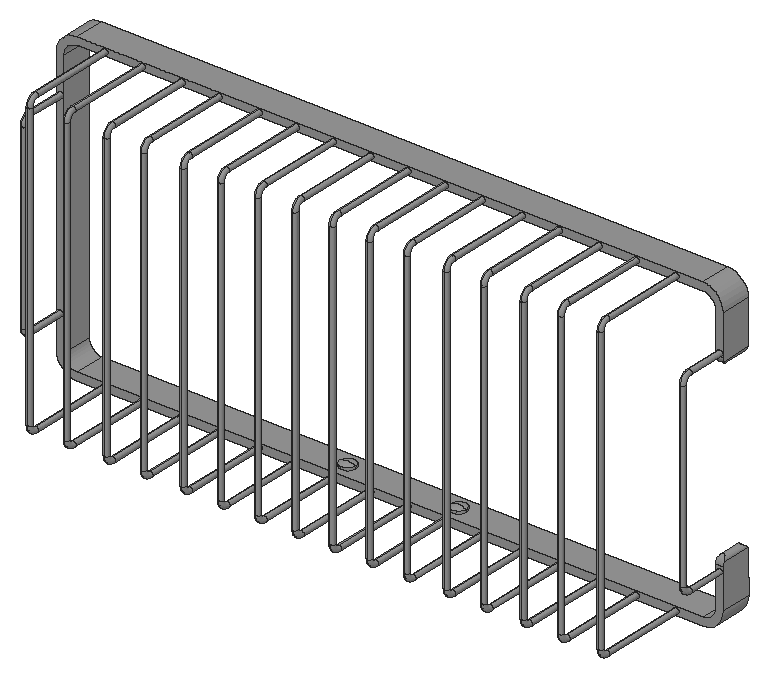
Revit family "RECK Jabonera 26x12cm BC2612600", category Generic Models, host Face, Revit 2014
Parameters
  MODELO = "RECK"
  MARCA = "WASSER"
  EMPRESA = "CHC COMERCIAL HISPANO CHILENA"
  Default Elevation = 1219.2 mm
  DIMENSIONES = "26X12CM"
  CÓDIGO = "BC2612600"
  ACCESORIO = "JABONERA"
Reference planes
  plane 1 "Center (Front/Back)": y = 0
  plane 2: z = 0
  plane 3 "Center (Left/Right)": x = 0
  plane 4: z = 120
  plane 5: x = 125
  plane 6: x = -125
  plane 7: y = -50
  plane 8: x = -75
  plane 9: x = 75
  plane 10: x = 102.253
  plane 11: x = 115
  plane 12: x = 121.257
  plane 13: x = 45
  plane 14: x = -45
  plane 15: x = 122.69
  plane 16: x = -7.492
  plane 17: x = 7.008
  plane 18: x = 21.508
  plane 19: x = 36.008
  plane 20: x = -21.992
  plane 21: x = -36.492
  plane 22: x = -50.992
  plane 23: x = 51.508
  plane 24: x = 66.008
  plane 25: x = 111.508
  plane 26: x = -66.492
  plane 27: x = -80.992
  plane 28: x = -96.492
  plane 29: x = -110.992
  plane 30: x = 130
  plane 31: x = -130
  plane 32: y = -30
  plane 33: y = -48.887
Forms (mm)
  Extrusion 1, solid, material "Steel, Chrome Plated"
    sketch origin (0, 0, 0) x (1, 0, 0) y (0, 0, 1)
      loop
        arc (122, 0) -> (127.657, 2.343) -> (130, 8) r 8
        line (130, 8) -> (130, 25)
        arc (130, 25) -> (128.5, 26.5) -> (127, 25) r 1.5
        line (127, 25) -> (127, 8)
        arc (127, 8) -> (125.536, 4.464) -> (122, 3) r 5
        line (122, 3) -> (-122, 3)
        arc (-122, 3) -> (-125.536, 4.464) -> (-127, 8) r 5
        line (-127, 8) -> (-127, 112)
        arc (-127, 112) -> (-125.536, 115.536) -> (-122, 117) r 5
        line (-122, 117) -> (122, 117)
        arc (122, 117) -> (125.536, 115.536) -> (127, 112) r 5
        line (127, 112) -> (127, 95)
        arc (127, 95) -> (128.5, 93.5) -> (130, 95) r 1.5
        line (130, 95) -> (130, 112)
        arc (130, 112) -> (127.657, 117.657) -> (122, 120) r 8
        line (122, 120) -> (-122, 120)
        arc (-122, 120) -> (-127.657, 117.657) -> (-130, 112) r 8
        line (-130, 112) -> (-130, 8)
        arc (-130, 8) -> (-127.657, 2.343) -> (-122, 0) r 8
        line (-122, 0) -> (122, 0)
    from 0 to 12
  Revolve 2, solid, material "Steel, Chrome Plated"
    sketch origin (5.631, -5.965, 0) x (1, 0, 0) y (0, 0, 1)
      loop
        arc (19.269, 3.812) -> (17.821, 4.357) -> (16.286, 4.542) r 6.456
        line (16.286, 4.542) -> (16.286, 3) -> (19.269, 3) -> (19.269, 3.812)
      axis (16.286, 4.542) -> (16.286, 3)
    angle from 0 to 360
  Revolve 3, solid, material "Steel, Chrome Plated"
    sketch origin (-5, -5.965, 0) x (-1, 0, 0) y (0, 0, 1)
      loop
        arc (19.269, 3.812) -> (17.821, 4.357) -> (16.286, 4.542) r 6.456
        line (16.286, 4.542) -> (16.286, 3) -> (19.269, 3) -> (19.269, 3.812)
      axis (16.286, 4.542) -> (16.286, 3)
    angle from 0 to 360
  Extrusion 4, void
    sketch origin (-116.896, 0, 55.588) x (0.002115, 0, 0.999998) y (0, -1, 0)
      loop
        line (-33.818, 0) -> (-30.222, -2.612) -> (-26.755, 0.296) -> (-27.237, 14.082) -> (-33.818, 12) -> (-31.5, 12)
        arc (-31.5, 12) -> (-29.379, 11.121) -> (-28.5, 9) r 3
        line (-28.5, 9) -> (-28.5, 3)
        arc (-28.5, 3) -> (-29.379, 0.879) -> (-31.5, 0) r 3
        line (-31.5, 0) -> (-33.818, 0)
    from 228.786 to 272.928
  Extrusion 5, void
    sketch origin (-116.896, 0, 64.338) x (0.002115, 0, -0.999998) y (0, 1, 0)
      loop
        line (-33.818, 0) -> (-31.5, 0)
        arc (-31.5, 0) -> (-29.379, -0.879) -> (-28.5, -3) r 3
        line (-28.5, -3) -> (-28.5, -9)
        arc (-28.5, -9) -> (-29.379, -11.121) -> (-31.5, -12) r 3
        line (-31.5, -12) -> (-33.818, -12) -> (-27.237, -14.082) -> (-26.755, -0.296) -> (-30.222, 2.612) -> (-33.818, 0)
    from 228.786 to 272.928
  Sweep 6, solid, material "Steel, Chrome Plated"
    path origin (128.524, 0, -26.133) x (0, 0, -1) y (0, 1, 0)
      loop
        line (-123.635, -12) -> (-123.635, -27.045)
        arc (-123.635, -27.045) -> (-122.769, -29.134) -> (-120.68, -30) r 2.955
        line (-120.68, -30) -> (-50.398, -30)
        arc (-50.398, -30) -> (-48.277, -29.121) -> (-47.398, -27) r 3
        line (-47.398, -27) -> (-47.398, -12)
    profile origin (128.524, -19.522, 97.502) x (0, 0, -1) y (1, 0, 0)
      loop
        circle (0, 0) r 1
  Sweep 7, solid, material "Steel, Chrome Plated"
    path origin (-128.406, 0, -26.133) x (0, 0, -1) y (0, 1, 0)
      loop
        line (-123.635, -12) -> (-123.635, -27.045)
        arc (-123.635, -27.045) -> (-122.769, -29.134) -> (-120.68, -30) r 2.955
        line (-120.68, -30) -> (-50.398, -30)
        arc (-50.398, -30) -> (-48.277, -29.121) -> (-47.398, -27) r 3
        line (-47.398, -27) -> (-47.398, -12)
    profile origin (-128.406, -19.522, 97.502) x (0, 0, -1) y (1, 0, 0)
      loop
        circle (0, 0) r 1
  Sweep 8, solid, material "Steel, Chrome Plated"
    path origin (-7.492, 0, 50.916) x (0, 0, -1) y (0, 1, 0)
      loop
        line (49.308, -12) -> (49.308, -45.887)
        arc (49.308, -45.887) -> (48.43, -48.009) -> (46.308, -48.887) r 3
        line (46.308, -48.887) -> (-64.657, -48.887)
        arc (-64.657, -48.887) -> (-66.747, -48.022) -> (-67.612, -45.932) r 2.955
        line (-67.612, -45.932) -> (-67.612, -12)
    profile origin (-7.492, -48.887, 60.09) x (0, -1, 0) y (1, 0, 0)
      loop
        circle (0, 0) r 1
  Sweep 9, solid, material "Steel, Chrome Plated"
    path origin (7.008, 0, 50.916) x (0, 0, -1) y (0, 1, 0)
      loop
        line (49.308, -12) -> (49.308, -45.887)
        arc (49.308, -45.887) -> (48.43, -48.009) -> (46.308, -48.887) r 3
        line (46.308, -48.887) -> (-64.657, -48.887)
        arc (-64.657, -48.887) -> (-66.747, -48.022) -> (-67.612, -45.932) r 2.955
        line (-67.612, -45.932) -> (-67.612, -12)
    profile origin (7.008, -48.887, 60.09) x (0, -1, 0) y (1, 0, 0)
      loop
        circle (0, 0) r 1
  Sweep 10, solid, material "Steel, Chrome Plated"
    path origin (21.508, 0, 50.916) x (0, 0, -1) y (0, 1, 0)
      loop
        line (49.308, -12) -> (49.308, -45.887)
        arc (49.308, -45.887) -> (48.43, -48.009) -> (46.308, -48.887) r 3
        line (46.308, -48.887) -> (-64.657, -48.887)
        arc (-64.657, -48.887) -> (-66.747, -48.022) -> (-67.612, -45.932) r 2.955
        line (-67.612, -45.932) -> (-67.612, -12)
    profile origin (21.508, -48.887, 60.09) x (0, -1, 0) y (1, 0, 0)
      loop
        circle (0, 0) r 1
  Sweep 11, solid, material "Steel, Chrome Plated"
    path origin (36.008, 0, 50.916) x (0, 0, -1) y (0, 1, 0)
      loop
        line (49.308, -12) -> (49.308, -45.887)
        arc (49.308, -45.887) -> (48.43, -48.009) -> (46.308, -48.887) r 3
        line (46.308, -48.887) -> (-64.657, -48.887)
        arc (-64.657, -48.887) -> (-66.747, -48.022) -> (-67.612, -45.932) r 2.955
        line (-67.612, -45.932) -> (-67.612, -12)
    profile origin (36.008, -48.887, 60.09) x (0, -1, 0) y (1, 0, 0)
      loop
        circle (0, 0) r 1
  Sweep 12, solid, material "Steel, Chrome Plated"
    path origin (51.508, 0, 50.916) x (0, 0, -1) y (0, 1, 0)
      loop
        line (49.308, -12) -> (49.308, -45.887)
        arc (49.308, -45.887) -> (48.43, -48.009) -> (46.308, -48.887) r 3
        line (46.308, -48.887) -> (-64.657, -48.887)
        arc (-64.657, -48.887) -> (-66.747, -48.022) -> (-67.612, -45.932) r 2.955
        line (-67.612, -45.932) -> (-67.612, -12)
    profile origin (51.508, -48.887, 60.09) x (0, -1, 0) y (1, 0, 0)
      loop
        circle (0, 0) r 1
  Sweep 13, solid, material "Steel, Chrome Plated"
    path origin (66.008, 0, 50.916) x (0, 0, -1) y (0, 1, 0)
      loop
        line (49.308, -12) -> (49.308, -45.887)
        arc (49.308, -45.887) -> (48.43, -48.009) -> (46.308, -48.887) r 3
        line (46.308, -48.887) -> (-64.657, -48.887)
        arc (-64.657, -48.887) -> (-66.747, -48.022) -> (-67.612, -45.932) r 2.955
        line (-67.612, -45.932) -> (-67.612, -12)
    profile origin (66.008, -48.887, 60.09) x (0, -1, 0) y (1, 0, 0)
      loop
        circle (0, 0) r 1
  Sweep 14, solid, material "Steel, Chrome Plated"
    path origin (81.508, 0, 50.916) x (0, 0, -1) y (0, 1, 0)
      loop
        line (49.308, -12) -> (49.308, -45.887)
        arc (49.308, -45.887) -> (48.43, -48.009) -> (46.308, -48.887) r 3
        line (46.308, -48.887) -> (-64.657, -48.887)
        arc (-64.657, -48.887) -> (-66.747, -48.022) -> (-67.612, -45.932) r 2.955
        line (-67.612, -45.932) -> (-67.612, -12)
    profile origin (81.508, -48.887, 60.09) x (0, -1, 0) y (1, 0, 0)
      loop
        circle (0, 0) r 1
  Sweep 15, solid, material "Steel, Chrome Plated"
    path origin (96.008, 0, 50.916) x (0, 0, -1) y (0, 1, 0)
      loop
        line (49.308, -12) -> (49.308, -45.887)
        arc (49.308, -45.887) -> (48.43, -48.009) -> (46.308, -48.887) r 3
        line (46.308, -48.887) -> (-64.657, -48.887)
        arc (-64.657, -48.887) -> (-66.747, -48.022) -> (-67.612, -45.932) r 2.955
        line (-67.612, -45.932) -> (-67.612, -12)
    profile origin (96.008, -48.887, 60.09) x (0, -1, 0) y (1, 0, 0)
      loop
        circle (0, 0) r 1
  Sweep 16, solid, material "Steel, Chrome Plated"
    path origin (111.508, 0, 50.916) x (0, 0, -1) y (0, 1, 0)
      loop
        line (49.308, -12) -> (49.308, -45.887)
        arc (49.308, -45.887) -> (48.43, -48.009) -> (46.308, -48.887) r 3
        line (46.308, -48.887) -> (-64.657, -48.887)
        arc (-64.657, -48.887) -> (-66.747, -48.022) -> (-67.612, -45.932) r 2.955
        line (-67.612, -45.932) -> (-67.612, -12)
    profile origin (111.508, -48.887, 60.09) x (0, -1, 0) y (1, 0, 0)
      loop
        circle (0, 0) r 1
  Sweep 17, solid, material "Steel, Chrome Plated"
    path origin (-21.992, 0, 50.916) x (0, 0, -1) y (0, 1, 0)
      loop
        line (49.308, -12) -> (49.308, -45.887)
        arc (49.308, -45.887) -> (48.43, -48.009) -> (46.308, -48.887) r 3
        line (46.308, -48.887) -> (-64.657, -48.887)
        arc (-64.657, -48.887) -> (-66.747, -48.022) -> (-67.612, -45.932) r 2.955
        line (-67.612, -45.932) -> (-67.612, -12)
    profile origin (-21.992, -48.887, 60.09) x (0, -1, 0) y (1, 0, 0)
      loop
        circle (0, 0) r 1
  Sweep 18, solid, material "Steel, Chrome Plated"
    path origin (-36.492, 0, 50.916) x (0, 0, -1) y (0, 1, 0)
      loop
        line (49.308, -12) -> (49.308, -45.887)
        arc (49.308, -45.887) -> (48.43, -48.009) -> (46.308, -48.887) r 3
        line (46.308, -48.887) -> (-64.657, -48.887)
        arc (-64.657, -48.887) -> (-66.747, -48.022) -> (-67.612, -45.932) r 2.955
        line (-67.612, -45.932) -> (-67.612, -12)
    profile origin (-36.492, -48.887, 60.09) x (0, -1, 0) y (1, 0, 0)
      loop
        circle (0, 0) r 1
  Sweep 19, solid, material "Steel, Chrome Plated"
    path origin (-50.992, 0, 50.916) x (0, 0, -1) y (0, 1, 0)
      loop
        line (49.308, -12) -> (49.308, -45.887)
        arc (49.308, -45.887) -> (48.43, -48.009) -> (46.308, -48.887) r 3
        line (46.308, -48.887) -> (-64.657, -48.887)
        arc (-64.657, -48.887) -> (-66.747, -48.022) -> (-67.612, -45.932) r 2.955
        line (-67.612, -45.932) -> (-67.612, -12)
    profile origin (-50.992, -48.887, 60.09) x (0, -1, 0) y (1, 0, 0)
      loop
        circle (0, 0) r 1
  Sweep 20, solid, material "Steel, Chrome Plated"
    path origin (-66.492, 0, 50.916) x (0, 0, -1) y (0, 1, 0)
      loop
        line (49.308, -12) -> (49.308, -45.887)
        arc (49.308, -45.887) -> (48.43, -48.009) -> (46.308, -48.887) r 3
        line (46.308, -48.887) -> (-64.657, -48.887)
        arc (-64.657, -48.887) -> (-66.747, -48.022) -> (-67.612, -45.932) r 2.955
        line (-67.612, -45.932) -> (-67.612, -12)
    profile origin (-66.492, -48.887, 60.09) x (0, -1, 0) y (1, 0, 0)
      loop
        circle (0, 0) r 1
  Sweep 21, solid, material "Steel, Chrome Plated"
    path origin (-80.992, 0, 50.916) x (0, 0, -1) y (0, 1, 0)
      loop
        line (49.308, -12) -> (49.308, -45.887)
        arc (49.308, -45.887) -> (48.43, -48.009) -> (46.308, -48.887) r 3
        line (46.308, -48.887) -> (-64.657, -48.887)
        arc (-64.657, -48.887) -> (-66.747, -48.022) -> (-67.612, -45.932) r 2.955
        line (-67.612, -45.932) -> (-67.612, -12)
    profile origin (-80.992, -48.887, 60.09) x (0, -1, 0) y (1, 0, 0)
      loop
        circle (0, 0) r 1
  Sweep 22, solid, material "Steel, Chrome Plated"
    path origin (-96.492, 0, 50.916) x (0, 0, -1) y (0, 1, 0)
      loop
        line (49.308, -12) -> (49.308, -45.887)
        arc (49.308, -45.887) -> (48.43, -48.009) -> (46.308, -48.887) r 3
        line (46.308, -48.887) -> (-64.657, -48.887)
        arc (-64.657, -48.887) -> (-66.747, -48.022) -> (-67.612, -45.932) r 2.955
        line (-67.612, -45.932) -> (-67.612, -12)
    profile origin (-96.492, -48.887, 60.09) x (0, -1, 0) y (1, 0, 0)
      loop
        circle (0, 0) r 1
  Sweep 23, solid, material "Steel, Chrome Plated"
    path origin (-110.992, 0, 50.916) x (0, 0, -1) y (0, 1, 0)
      loop
        line (49.308, -12) -> (49.308, -45.888)
        arc (49.308, -45.888) -> (48.43, -48.01) -> (46.308, -48.888) r 3
        line (46.308, -48.888) -> (-64.657, -48.888)
        arc (-64.657, -48.888) -> (-66.747, -48.023) -> (-67.612, -45.933) r 2.955
        line (-67.612, -45.933) -> (-67.612, -12)
    profile origin (-110.992, -48.888, 60.09) x (0, -1, 0) y (1, 0, 0)
      loop
        circle (0, 0) r 1
Cuts and joins
  Extrusion 4, Extrusion 5 cuts Extrusion 1
Dimensions and locks
  aligned and locked: plane 2 to host face
  aligned and locked: level to host face
